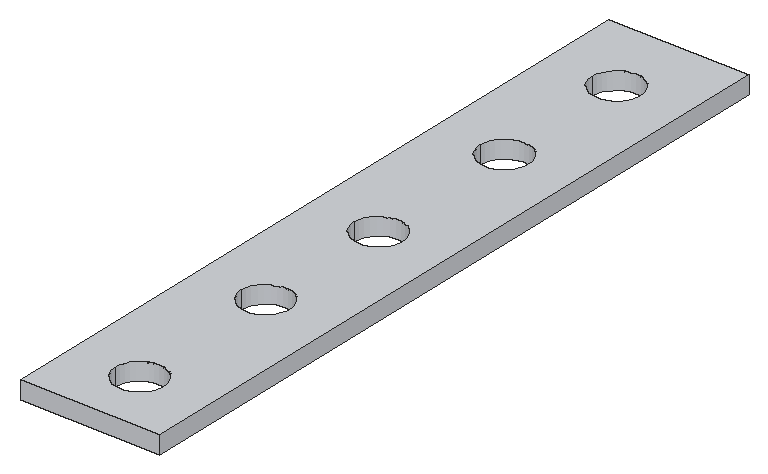
Revit family "MP5", category Generic Models, Revit 2017
Family settings
  Can host rebar = No
  Round Connector Dimension = Use Diameter
  Part Type = Normal
  Work Plane-Based = Yes
  Always vertical = No
  Cut with Voids When Loaded = No
  Shared = No
  Room Calculation Point = No
Parameters (values of type "NBS Standard Parameters")
  Weight = "0.354Kg"
  WarrantyStartDate [instance] = "1900-12-31T23:59:59"
  WarrantyGuarantorParts = "n/a"
  WarrantyGuarantorLabor = "n/a"
  WarrantyDurationUnit = "1 year"
  WarrantyDurationParts = "n/a"
  WarrantyDurationLabor = "n/a"
  WarrantyDescription = "n/a"
  Version = "1"
  Uniclass2 = "Pr_65_70_11_19"
  TagNumber [instance] = "n/a"
  SustainabilityPerformance = "n/a"
  Size = "n/a"
  Shape = "Flat"
  SerialNumber [instance] = "n/a"
  Revision = "n/a"
  ReplacementCost = "n/a"
  ProductInformation = "www.metpro.co.uk/pdf/mp5.pdf"
  NominalWidth = 40 mm
  NominalLength = 210 mm
  NominalHeight = 5 mm
  Name = ""
  NBSTypeID = ""
  NBSReference = "90-55-10/305"
  NBSOfficeMasterTag = ""
  NBSNote = ""
  NBSDescription = "Channel Cable Supports"
  NBSCertification = ""
  ModelReference = "MP5"
  ModelNumber = "n/a"
  Material = "Steel"
  ManufacturerURL = "www.metpro.co.uk"
  ManufacturerName = "Metpro Ltd"
  Keynote = "Compliant to LU Standard 1-085"
  InstallationDate [instance] = "1900-12-31T23:59:59"
  IfcExportType = ""
  IfcExportAs = ""
  Grade = "n/a"
  Finish = "Hot dipped Galvanised"
  Features = "n/a"
  ExpectedLife = "n/a"
  DurationUnit = "year"
  Description = "MP5  Splice Plate 5 hole"
  Default Elevation = 1219.2 mm
  Constituents = "n/a"
  Color = "n/a"
  CodePerformance = "n/a"
  Category = "n/a"
  BarCode [instance] = "n/a"
  BIMObjectName = "metpro_metprolibrary_channelcablesupports_channelbrackets"
  Author = "Metpro Ltd"
  AssetType = ""
  AssetIdentifier [instance] = "n/a"
  AccessibilityPerformance = "n/a"
Reference planes
  plane 1 "Center (Front/Back)": y = 0
  plane 2: z = 0
  plane 3 "Center (Left/Right)": x = 0
Forms (mm)
  Extrusion 1, solid
    sketch origin (21.316, -28.336, 0) x (1, 0, 0) y (0, 1, 0)
      loop
        line (-20.658, 103.478) -> (-20.658, -106.522) -> (19.342, -106.522) -> (19.342, 103.478) -> (-20.658, 103.478)
      loop
        circle (-0.794, -88.72) r 7
      loop
        circle (-0.436, 41.133) r 7
      loop
        circle (-0.436, -3.867) r 7
      loop
        circle (-0.794, -43.72) r 7
      loop
        circle (-0.436, 81.133) r 7
    from 0 to 5
Dimensions and locks
  aligned and locked: level to plane 2
